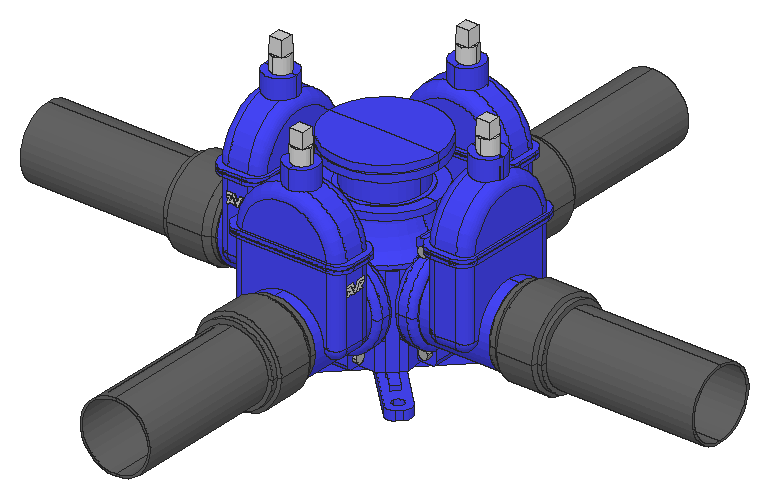
Revit family "18-01-010 DN150 Combicross without BL_CAP", category Pipe Accessories, Revit 2022
Family settings
  Round Connector Dimension = Use Diameter
  Part Type = Valve - Breaks Into
  Work Plane-Based = No
  Always vertical = Yes
  Cut with Voids When Loaded = No
  Shared = No
Parameters (values of type "DN300_Without BL_CAP")
  test = 100 mm  # constant formula
  URL_product_pages = "https://www.avkvalves.com/P.aspx?no=1815001CCCC94764"
  Search_table = "18-01-010 DN150 Combicross without BL_CAP"
  Rib_dim2 = 510 mm * 0.04  # 20.4 mm
  Rib_dim1 = 55 mm * 0.2  # 11 mm
  Raised_dis = size_lookup(Search_table, "Raised_dis", 0 mm, DN)  # 3 mm
  Rib_dim3 = PCD * 0.45  # 180 mm
  PCD = 510 mm - 110 mm  # 400 mm
  L3 = size_lookup(Search_table, "L3", 0 mm, DN)  # 952 mm
  L = size_lookup(Search_table, "L", 0 mm, DN) / 2  # 767 mm
  Hole_dia = 26 mm / 2  # 13 mm
  H3-H1 = H3 - H1  # 401 mm
  H3 = size_lookup(Search_table, "H3", 0 mm, DN)  # 591 mm
  H1 = size_lookup(Search_table, "H1", 0 mm, DN)  # 190 mm
  FL_T = size_lookup(Search_table, "FL_T", 0 mm, DN)  # 16 mm
  Description_ = "COMBI-CROSS, PE PIPE ENDS, PN16"
  Default Elevation = 0 mm
  DN300_Without BL_CAP = "18-150-01-CCCC94764"
  DN = 150 mm
  Conn.3 = size_lookup(Search_table, "Conn.3", 0 mm, DN)  # 160 mm
  Conn.2 = size_lookup(Search_table, "Conn.2", 0 mm, DN)  # 160 mm
  Conn.1 = size_lookup(Search_table, "Conn.1", 0 mm, DN)  # 160 mm
  L4 = size_lookup(Search_table, "L4", 0 mm, DN)  # 335 mm
  Centre_Flange_OD = size_lookup(Search_table, "Centre_Flange_OD", 0 mm, DN) / 2  # 110 mm
  Centre_Bnt_H = size_lookup(Search_table, "Centre_Bnt_H", 0 mm, DN)  # 85 mm
  Centre_dis = size_lookup(Search_table, "Centre_dis", 0 mm, DN) / 2  # 125 mm
  Centre_B_H = size_lookup(Search_table, "Centre_B_H", 0 mm, DN)  # 188 mm
  C_to_connection = size_lookup(Search_table, "C_to_connection", 0 mm, DN)  # 125 mm
  C_FL_D = size_lookup(Search_table, "C_FL_D", 0 mm, DN) / 2  # 120 mm
  C_Bnt_OD = Bore * 1.25  # 93.75 mm
  Bore = DN / 2  # 75 mm
  Body_T = size_lookup(Search_table, "Body_T", 0 mm, DN)  # 9 mm
  Bnt_RR = Centre_dis * 0.85  # 106.25 mm
  55/2 = 55 mm / 2  # 27.5 mm
  510 = 510 mm / 2  # 255 mm
  35 = 35 mm  # constant formula
  320 = 320 mm / 2  # 160 mm
  30 = 30 mm  # constant formula
  20 = 20 mm  # constant formula
  2 = 2 mm  # constant formula
  185 = 185 mm  # constant formula
  15 = 15 mm  # constant formula
  10 = 10 mm  # constant formula
  1 = 150 mm  # constant formula
Reference planes
  plane 1 "Center (Front/Back)": y = 0
  plane 2: z = 0
  plane 3 "Center (Left/Right)": x = 0
  plane 4: through (0, 0, 1200) normal (-0.7071, 0.7071, 0)
  plane 5: through (0, 0, 1200) normal (-0.7071, -0.7071, 0)
  plane 6: z = 75
  plane 7: z = -75
  plane 8: z = 188
  plane 9: z = 172
  plane 10: x = -75
  plane 11: x = 75
  plane 12: x = -125
  plane 13: x = 125
  plane 14: z = 273
  plane 15: z = 270
  plane 16: z = 289
  plane 17: z = 401
  plane 18: x = -125
  plane 19: x = 125
  plane 20: y = 125
  plane 21: y = -125
  plane 22: through (124.616, -485.241, 1200) normal (0.7071, 0.7071, 0)
  plane 23: z = -190
  plane 24: z = -160
  plane 25: through (-593.135, 232.511, 1200) normal (0.7071, 0.7071, 0)
  plane 26: y = -75
  plane 27: x = -75
  plane 28: through (-126.931, 487.555, 1200) normal (0.7071, 0.7071, 0)
  plane 29: through (-400.771, -40.147, 1200) normal (-0.7071, 0.7071, 0)
  plane 30: through (-24.107, -384.732, 1200) normal (-0.7071, 0.7071, 0)
  plane 31: through (58.234, 97.33, 1200) normal (0.7071, 0.7071, 0)
  plane 32: through (-97.33, -58.234, 1200) normal (0.7071, 0.7071, 0)
  plane 33: through (58.234, -97.33, 1200) normal (-0.7071, 0.7071, 0)
  plane 34: through (-97.33, 58.234, 1200) normal (-0.7071, 0.7071, 0)
  plane 35: x = -767
  plane 36: x = 767
  plane 37: x = -432
  plane 38: z = -190
  plane 39: y = 767
  plane 40: y = -767
Forms (mm)
  Revolve 1, solid, material "Laminate, Blue, Matte"
    sketch origin (0, 0, -71.799) x (1, 0, 0) y (0, 0, 1)
      loop
        line (-125, 155.799) -> (-125, 146.799) -> (-75, 146.799) -> (-75, 243.799) -> (-84, 243.799)
        arc (-84, 243.799) -> (-96.418, 196.034) -> (-125, 155.799) r 136.586
      axis (0, 243.799) -> (0, 146.799)
    angle from 0 to 360
  Revolve 2, solid, material "Laminate, Blue, Matte"
    sketch origin (0, 0, 0) x (1, 0, 0) y (0, 0, 1)
      loop
        line (125, 270) -> (106.25, 270) -> (106.25, 273) -> (75, 273) -> (75, 188) -> (84, 188) -> (84, 254) -> (125, 254) -> (125, 270)
      axis (0, 273) -> (0, 188)
    angle from 0 to 360
  Extrusion 3, solid, material "Laminate, Blue, Matte"
    sketch origin (-442.62, -1524, 188) x (-1, 0, 0) y (0, -1, 0)
      loop
        circle (-442.62, -1524) r 93.75
      loop
        circle (-442.62, -1524) r 75
    from 0 to -16
  Revolve 4, solid, material "Laminate, Blue, Matte"
    sketch origin (0, 0, 0) x (1, 0, 0) y (0, 0, 1)
      loop
        line (-125, 289) -> (-125, 273) -> (0, 273) -> (0, 289) -> (-125, 289)
      axis (0, 273) -> (0, 289)
    angle from 0 to 360
  Revolve 5, solid, material "Laminate, Blue, Matte"
    sketch origin (0, 0, 0) x (1, 0, 0) y (0, 0, 1)
      loop
        line (0, 75) -> (-125, 75) -> (-125, -64)
        arc (-125, -64) -> (-119.142, -78.142) -> (-105, -84) r 20
        line (-105, -84) -> (0, -84) -> (0, 75)
      axis (0, 75) -> (0, -84)
    angle from 0 to 360
  Revolve 6, solid, material "Laminate, Blue, Matte"
    sketch origin (0, 0, 0) x (1, 0, 0) y (0, 0, 1)
      loop
        line (-120, 188) -> (-120, 172) -> (0, 172) -> (0, 188) -> (-120, 188)
      axis (0, 188) -> (0, 172)
    angle from 0 to 360
  Extrusion 7, solid, material "Laminate, Blue, Matte"
    sketch origin (0, 0, 0) x (1, 0, 0) y (0, 0, 1)
      loop
        circle (0, 0) r 75
    from -125 to 125
  Extrusion 8, solid, material "Laminate, Blue, Matte"
    sketch origin (0, 0, 0) x (0, 1, 0) y (0, 0, 1)
      loop
        circle (0, 0) r 75
    from -125 to 125
  Extrusion 9, solid, material "Laminate, Blue, Matte"
    sketch origin (-49.134, 0, 0) x (1, 0, 0) y (0, 1, 0)
      loop
        line (-136.481, -175.009) -> (-125.875, -185.616)
        arc (-125.875, -185.616) -> (-111.733, -191.473) -> (-97.59, -185.616) r 20
        line (-97.59, -185.616) -> (49.134, -38.891) -> (195.859, -185.616)
        arc (195.859, -185.616) -> (210.001, -191.473) -> (224.143, -185.616) r 20
        line (224.143, -185.616) -> (234.75, -175.009)
        arc (234.75, -175.009) -> (240.608, -160.867) -> (234.75, -146.725) r 20
        line (234.75, -146.725) -> (88.025, 0) -> (234.75, 146.725)
        arc (234.75, 146.725) -> (240.608, 160.867) -> (234.75, 175.009) r 20
        line (234.75, 175.009) -> (224.143, 185.616)
        arc (224.143, 185.616) -> (210.001, 191.473) -> (195.859, 185.616) r 20
        line (195.859, 185.616) -> (49.134, 38.891) -> (-97.59, 185.616)
        arc (-97.59, 185.616) -> (-111.733, 191.473) -> (-125.875, 185.616) r 20
        line (-125.875, 185.616) -> (-136.481, 175.009)
        arc (-136.481, 175.009) -> (-142.339, 160.867) -> (-136.481, 146.725) r 20
        line (-136.481, 146.725) -> (10.243, 0) -> (-136.481, -146.725)
        arc (-136.481, -146.725) -> (-142.339, -160.867) -> (-136.481, -175.009) r 20
      loop
        circle (-110.866, -160) r 13
      loop
        circle (209.134, 160) r 13
      loop
        circle (209.134, -160) r 13
      loop
        circle (-110.866, 160) r 13
    from -140 to -160
  Extrusion 10, solid, material "Laminate, Blue, Matte"
    sketch origin (-49.134, 0, 0) x (1, 0, 0) y (0, 1, 0)
      loop
        arc (-14.301, 105.861) -> (-38.296, 87.485) -> (-57.18, 63.887) r 125
        arc (-57.18, 63.887) -> (-51.51, 0.03) -> (-57.124, -63.832) r 364.231
        arc (-57.124, -63.832) -> (-38.222, -87.415) -> (-14.213, -105.773) r 125
        arc (-14.213, -105.773) -> (49.102, -103.088) -> (112.418, -105.711) r 756.72
        arc (112.418, -105.711) -> (136.834, -87.871) -> (156.251, -64.69) r 125
        arc (156.251, -64.69) -> (148.979, -0.039) -> (156.18, 64.619) r 292.468
        arc (156.18, 64.619) -> (137.545, 88.412) -> (113.745, 107.038) r 125
        arc (113.745, 107.038) -> (49.847, 92.829) -> (-14.301, 105.861) r 157.285
    from -135 to 0
  Extrusion 11, solid, material "Laminate, Blue, Matte"
    sketch origin (-49.134, 0, 0) x (1, 0, 0) y (0, 1, 0)
      loop
        line (49.134, 14.142) -> (-71.074, 134.35) -> (-85.216, 120.208) -> (34.992, 0) -> (-85.216, -120.208) -> (-71.074, -134.35) -> (49.134, -14.142) -> (169.342, -134.35) -> (183.484, -120.208) -> (63.276, 0) -> (183.484, 120.208) -> (169.342, 134.35) -> (49.134, 14.142)
    from -130 to -190
  Extrusion 12, solid, material "Laminate, Blue, Matte"
    sketch origin (-49.134, 0, 0) x (1, 0, 0) y (0, 1, 0)
      loop
        line (104.713, 71.135) -> (120.269, 55.579) -> (149.119, 84.429) -> (133.563, 99.985) -> (104.713, 71.135)
      loop
        line (-50.851, -84.429) -> (-35.294, -99.985) -> (-6.444, -71.135) -> (-22.001, -55.579) -> (-50.851, -84.429)
      loop
        line (149.119, -84.429) -> (120.269, -55.579) -> (104.713, -71.135) -> (133.563, -99.985) -> (149.119, -84.429)
      loop
        line (-6.444, 71.135) -> (-35.294, 99.985) -> (-50.851, 84.429) -> (-22.001, 55.579) -> (-6.444, 71.135)
    from -160 to 75
Dimensions and locks
  equal spacing: plane 6, level, plane 7
  "Bore": plane 6 to level
  "Centre_B_H": plane 8 to level
  "FL_T": plane 8 to plane 9
  equal spacing: plane 11, plane 3 "Center (Left/Right)", plane 10
  "Bore": plane 3 "Center (Left/Right)" to plane 10
  "Body_T": plane 10 to Revolve 1 sketch curve
  equal spacing: plane 13, plane 3 "Center (Left/Right)", plane 12
  "Centre_dis": plane 3 "Center (Left/Right)" to plane 12
  "Centre_Bnt_H": plane 8 to plane 14
  "Raised_dis": Revolve 2 sketch curve to plane 14
  "Body_T": Revolve 2 sketch curve to plane 11
  "Raised_dis": plane 15 to plane 14
  "FL_T": Revolve 2 sketch curve to plane 15
  "Bnt_RR": Revolve 2 sketch curve to plane 3 "Center (Left/Right)"
  equal spacing: Extrusion 3 sketch curve, plane 3 "Center (Left/Right)", Extrusion 3 sketch curve  (x2)
  equal spacing: Extrusion 3 sketch curve, plane 1 "Center (Front/Back)", Extrusion 3 sketch curve  (x2)
  "FL_T": plane 16 to plane 14
  "H3-H1": plane 17 to level
  "Body_T": plane 7 to Revolve 5 sketch curve
  "C_FL_D": plane 3 "Center (Left/Right)" to Revolve 6 sketch curve
  equal spacing: Extrusion 7 sketch curve, plane 3 "Center (Left/Right)", Extrusion 7 sketch curve
  equal spacing: Extrusion 7 sketch curve, level, Extrusion 7 sketch curve
  equal spacing: Extrusion 7, plane 1 "Center (Front/Back)", Extrusion 7
  "C_to_connection": Extrusion 7 to plane 1 "Center (Front/Back)"
  equal spacing: plane 19, plane 3 "Center (Left/Right)", plane 18
  "C_to_connection": plane 3 "Center (Left/Right)" to plane 18
  equal spacing: Extrusion 8 sketch curve, plane 1 "Center (Front/Back)", Extrusion 8 sketch curve
  equal spacing: Extrusion 8 sketch curve, level, Extrusion 8 sketch curve
  equal spacing: Extrusion 8, plane 3 "Center (Left/Right)", Extrusion 8
  equal spacing: plane 20, plane 1 "Center (Front/Back)", plane 21
  "C_to_connection": plane 20 to plane 1 "Center (Front/Back)"
  equal spacing: Extrusion 9 sketch curve, plane 4, Extrusion 9 sketch curve
  "55/2": Extrusion 9 sketch curve to plane 4
  "510": plane 5 to Extrusion 9 sketch curve
  "510": plane 5 to plane 22
  "H1": level to plane 23
  "30": Extrusion 9 to plane 23
  "30": plane 24 to plane 23
  "20": Extrusion 9 to plane 24
  "510": plane 5 to plane 25
  "510": plane 28 to plane 5
  Extrusion 9 sketch curve to Extrusion 9 sketch curve = 55 mm
  "510": plane 29 to plane 4
  "510": plane 4 to plane 30
  "Body_T": Revolve 1 sketch curve to plane 6
  "Centre_Flange_OD": plane 31 to plane 5
  equal spacing: Extrusion 12 sketch curve, plane 4, Extrusion 12 sketch curve  (x2)
  "Rib_dim2": plane 31 to Extrusion 12 sketch curve
  "Rib_dim2": Extrusion 12 sketch curve to plane 31
  "Rib_dim1": Extrusion 12 sketch curve to plane 4
  equal spacing: Extrusion 12 sketch curve, plane 5, Extrusion 12 sketch curve  (x2)
  "Rib_dim2": Extrusion 12 sketch curve to plane 32
  "Rib_dim2": plane 33 to Extrusion 12 sketch curve
  "Rib_dim2": Extrusion 12 sketch curve to plane 33
  "Rib_dim2": plane 34 to Extrusion 12 sketch curve
  "Rib_dim1": Extrusion 12 sketch curve to plane 5
  "Rib_dim1": plane 5 to Extrusion 12 sketch curve
  equal spacing: Extrusion 9 sketch curve, plane 5, Extrusion 9 sketch curve
  "320": Extrusion 9 sketch curve to plane 3 "Center (Left/Right)"  (x2)
  "320": plane 3 "Center (Left/Right)" to Extrusion 9 sketch curve  (x2)
  equal spacing: Extrusion 11 sketch curve, plane 4, Extrusion 11 sketch curve  (x2)
  equal spacing: Extrusion 11 sketch curve, plane 5, Extrusion 11 sketch curve  (x2)
  "10": Extrusion 11 sketch curve to plane 5
  "10": plane 4 to Extrusion 11 sketch curve
  "Rib_dim3": Extrusion 11 sketch curve to plane 5
  "Rib_dim3": Extrusion 11 sketch curve to plane 4
  equal spacing: Extrusion 10 sketch curve, plane 5, Extrusion 10 sketch curve  (x2)
  "30": plane 5 to Extrusion 10 sketch curve
  equal spacing: Extrusion 10 sketch curve, plane 4, Extrusion 10 sketch curve  (x2)
  "30": Extrusion 10 sketch curve to plane 5
  "30": plane 4 to Extrusion 10 sketch curve  (x2)
  "L": plane 3 "Center (Left/Right)" to plane 35
  "L": plane 3 "Center (Left/Right)" to plane 36
  "L4": plane 35 to plane 37
  "H1": level to plane 38
  "30": Extrusion 11 to plane 24
  plane 17 to plane 38 = 591 mm
  plane 35 to plane 36 = 1534 mm
  "L": plane 1 "Center (Front/Back)" to plane 39
  plane 36 to plane 35 = 1534 mm
  "L": plane 40 to plane 1 "Center (Front/Back)"
  plane 39 to plane 40 = 1534 mm
  "Bore": radius of Extrusion 3 sketch curve
  "C_Bnt_OD": radius of Extrusion 3 sketch curve
  "Bore": radius of Extrusion 7 sketch curve
  "Bore": radius of Extrusion 8 sketch curve
  "Hole_dia": radius of Extrusion 9 sketch curve  (x4)
  "20": radius of Extrusion 9 sketch curve  (x8)
  "Centre_dis": radius of Extrusion 10 sketch curve  (x4)
  aligned and locked: level to plane 2
  aligned and locked: Revolve 1 sketch curve to plane 3 "Center (Left/Right)"
  aligned and locked: Revolve 1 sketch curve to plane 6
  aligned and locked: plane 10 to Revolve 1 sketch curve
  aligned and locked: plane 9 to Revolve 1 sketch curve
  aligned and locked: Revolve 1 sketch curve to plane 12
  aligned and locked: Revolve 2 sketch curve to plane 3 "Center (Left/Right)"
  aligned and locked: plane 8 to Revolve 2 sketch curve
  aligned and locked: Revolve 2 sketch curve to plane 11
  aligned and locked: plane 14 to Revolve 2 sketch curve
  aligned and locked: plane 13 to Revolve 2 sketch curve
  aligned and locked: plane 8 to Extrusion 3
  aligned and locked: Extrusion 3 to plane 9
  aligned and locked: plane 16 to Revolve 4 sketch curve
  aligned and locked: plane 12 to Revolve 4 sketch curve
  aligned and locked: plane 14 to Revolve 4 sketch curve
  aligned and locked: Revolve 4 sketch curve to plane 3 "Center (Left/Right)"
  aligned and locked: Revolve 4 sketch curve to plane 16
  aligned and locked: plane 3 "Center (Left/Right)" to Revolve 5 sketch curve
  aligned and locked: plane 6 to Revolve 5 sketch curve
  aligned and locked: Revolve 5 sketch curve to plane 3 "Center (Left/Right)"
  aligned and locked: Revolve 6 sketch curve to plane 3 "Center (Left/Right)"  (x2)
  aligned and locked: Revolve 6 sketch curve to plane 8
  aligned and locked: plane 9 to Revolve 6 sketch curve
  aligned and locked: Extrusion 8 to plane 18
  aligned and locked: Extrusion 9 sketch curve to plane 22
  aligned and locked: level to Extrusion 10
  aligned and locked: Extrusion 9 sketch curve to plane 28
  aligned and locked: Extrusion 9 sketch curve to Extrusion 9 sketch curve  (x2)
  aligned and locked: plane 30 to Extrusion 9 sketch curve
  aligned and locked: Extrusion 9 sketch curve to plane 29
  aligned and locked: Extrusion 11 sketch curve to Extrusion 11 sketch curve  (x4)
  aligned and locked: Extrusion 12 sketch curve to Extrusion 12 sketch curve  (x4)
  aligned and locked: Extrusion 12 to plane 24
  aligned and locked: plane 6 to Extrusion 12
  aligned and locked: plane 18 to nested 1
  aligned and locked: plane 20 to nested 2
  aligned and locked: nested 3 to plane 19
  aligned and locked: Extrusion 11 to plane 38
  aligned and locked: plane 3 "Center (Left/Right)" to nested 4
  aligned and locked: nested 4 to plane 21
  aligned and locked: nested 3 to plane 1 "Center (Front/Back)"
Automatic sketch dimensions
  Revolve 4 sketch curve to plane 3 "Center (Left/Right)" = 0 mm
  plane 16 to Revolve 4 sketch curve = 85 mm
  Revolve 1 sketch curve to plane 8 = 6.082 mm
  Revolve 1 sketch curve to plane 9 = 32.024 mm
  plane 8 to Revolve 1 sketch curve = 16.976 mm
  Revolve 2 sketch curve to plane 17 = 11.711 mm
  plane 17 to Revolve 2 sketch curve = 3.289 mm
  Revolve 5 sketch curve to plane 12 = 0 mm
  plane 12 to Revolve 5 sketch curve = 20 mm
  Revolve 5 sketch curve to Revolve 5 sketch curve = 31 mm
  Revolve 5 sketch curve to plane 9 = 15 mm
  Revolve 6 sketch curve to plane 9 = 20 mm
  Revolve 6 sketch curve to Revolve 6 sketch curve = 25 mm
  plane 1 "Center (Front/Back)" to Extrusion 9 sketch curve = 0 mm  (x2)
  Extrusion 9 sketch curve to plane 3 "Center (Left/Right)" = 0 mm  (x2)
  Extrusion 9 sketch curve to plane 5 = 0 mm
  Extrusion 9 sketch curve to plane 4 = 0 mm  (x2)
  plane 1 "Center (Front/Back)" to Extrusion 10 sketch curve = 0.129 mm
  Extrusion 10 sketch curve to plane 37 = 32.876 mm
  Extrusion 10 sketch curve to plane 3 "Center (Left/Right)" = 0.731 mm
  plane 3 "Center (Left/Right)" to Extrusion 10 sketch curve = 0.01 mm
  plane 3 "Center (Left/Right)" to Extrusion 10 sketch curve = 0.016 mm
  Extrusion 10 sketch curve to plane 1 "Center (Front/Back)" = 0.007 mm
  plane 3 "Center (Left/Right)" to Extrusion 10 sketch curve = 0.04 mm
  plane 3 "Center (Left/Right)" to Extrusion 10 sketch curve = 0.34 mm
  plane 3 "Center (Left/Right)" to Extrusion 10 sketch curve = 2.288 mm
  Extrusion 10 sketch curve to plane 1 "Center (Front/Back)" = 0.121 mm
  plane 13 to Extrusion 10 sketch curve = 267.313 mm
  Extrusion 10 sketch curve to plane 40 = 92.808 mm
Nested families
  nested 1: "Gate valve DN150" at (-237, 0, 0), type "Gate valve DN150"
  nested 2: "Gate valve DN150" at (0, 237, 0) x (0, -1, 0) z (0, 0, 1), type "Gate valve DN150"
  nested 3: "Gate valve DN150" at (237, 0, 0) x (-1, 0, 0) z (0, 0, 1), type "Gate valve DN150"
  nested 4: "Gate valve DN150" at (0, -237, 0) x (0, 1, 0) z (0, 0, 1), type "Gate valve DN150"
Connectors
  piping at (-767, 0, 0), diameter 150, driven by "DN"
    settings: on nested 1, index 1, connector inside diameter 609.6 mm, connector length 0 mm, flow factor 0, pipe flow 0.0 L/s, pressure drop 0.0 Pa, fitting loss kfactor 0, connector angle 0.00°, fixture units 0, engagement length 0 mm, angle of deflection 0.00°, flow configuration 0, flow direction 0, fitting loss method 0, system type 7, joint type 0, gender type 0, connector reference index -1, connector utility 0, adjustable connector no, is connector primary yes, connector description ""
  piping at (767, 0, 0), diameter 150, driven by "DN"
    settings: on nested 3, index 2, connector inside diameter 609.6 mm, connector length 0 mm, flow factor 0, pipe flow 0.0 L/s, pressure drop 0.0 Pa, fitting loss kfactor 0, connector angle 0.00°, fixture units 0, engagement length 0 mm, angle of deflection 0.00°, flow configuration 0, flow direction 0, fitting loss method 0, system type 7, joint type 0, gender type 0, connector reference index -1, connector utility 0, adjustable connector no, is connector primary no, connector description ""
  piping at (0, 767, 0), diameter 150, driven by "DN"
    settings: on nested 2, index 3, connector inside diameter 609.6 mm, connector length 0 mm, flow factor 0, pipe flow 0.0 L/s, pressure drop 0.0 Pa, fitting loss kfactor 0, connector angle 0.00°, fixture units 0, engagement length 0 mm, angle of deflection 0.00°, flow configuration 0, flow direction 0, fitting loss method 0, system type 7, joint type 0, gender type 0, connector reference index -1, connector utility 0, adjustable connector no, is connector primary no, connector description ""
  piping at (0, -767, 0), diameter 150, driven by "DN"
    settings: on nested 4, index 4, connector inside diameter 609.6 mm, connector length 0 mm, flow factor 0, pipe flow 0.0 L/s, pressure drop 0.0 Pa, fitting loss kfactor 0, connector angle 0.00°, fixture units 0, engagement length 0 mm, angle of deflection 0.00°, flow configuration 0, flow direction 0, fitting loss method 0, system type 7, joint type 0, gender type 0, connector reference index -1, connector utility 0, adjustable connector no, is connector primary no, connector description ""
Definition of nested family "Gate valve DN150"
  Parameters (values of type "Gate valve DN150")
    max_H = size_lookup(Search_table, "max_H", 0 mm, DN)  # 104 mm
    Width = size_lookup(Search_table, "Width", 0 mm, DN) / 2  # 23.5 mm
    Stem_Hole = 21.5 mm  # constant formula
    Stem_H = 47 mm  # constant formula
    Stem_F2 = 34 mm  # constant formula
    Stem_F1 = 30 mm / 2  # 15 mm
    Stem_F = 28 mm / 2  # 14 mm
    Search_table = "Gate valve"
    SctoF = size_lookup(Search_table, "SctoF", 0 mm, DN)  # 642 mm
    Polymer = (H33 - HH) * 0.95  # 94.05 mm
    PE_dis1 = PE_dis * 0.1  # 12 mm
    PE_dis = size_lookup(Search_table, "PE_dis", 0 mm, DN)  # 120 mm
    PE_dia1 = PE_dia * 0.9  # 89.1 mm
    PE_dia = size_lookup(Search_table, "PE_dia", 0 mm, DN) / 2  # 99 mm
    L4 = size_lookup(Search_table, "L4", 0 mm, DN)  # 335 mm
    L/2 = L * 0.5  # 767 mm
    L = size_lookup(Search_table, "L", 0 mm, DN)  # 1534 mm
    Inner_Width = size_lookup(Search_table, "Inner_Width", 0 mm, DN)  # 32.5 mm
    HH = size_lookup(Search_table, "HH", 0 mm, DN)  # 400 mm
    H33-HH = (H33 - HH)  # 99 mm
    H33 = size_lookup(Search_table, "H33", 0 mm, DN)  # 499 mm
    H3-H1 = H3 - H1  # 401 mm
    H3 = size_lookup(Search_table, "H3", 0 mm, DN)  # 591 mm
    H1 = size_lookup(Search_table, "H1", 0 mm, DN)  # 190 mm
    Default Elevation = 1219.2 mm
    DN = 150 mm
    D = size_lookup(Search_table, "D", 0 mm, DN) / 2  # 80 mm
    CtoSocket = size_lookup(Search_table, "CtoSocket", 0 mm, DN)  # 112 mm
    CtoFit = size_lookup(Search_table, "CtoFit", 0 mm, DN)  # 195 mm
    Clamp_width = size_lookup(Search_table, "Clamp_width", 0 mm, DN) / 2  # 126 mm
    Clamp_w_T = size_lookup(Search_table, "Clamp_w_T", 0 mm, DN)  # 11 mm
    Clamp_W_H = size_lookup(Search_table, "Clamp_W_H", 0 mm, DN)  # 35 mm
    Clamp_R = size_lookup(Search_table, "Clamp_R", 0 mm, DN)  # 85.5 mm
    Bore = DN / 2  # 75 mm
    Bont_dim2 = Stem_Hole * 1.7  # 36.55 mm
    Bont_R = size_lookup(Search_table, "Bont_R", 0 mm, DN)  # 35 mm
    Body_T = size_lookup(Search_table, "Body_T", 0 mm, DN)  # 9 mm
    Body_R = 25 mm  # constant formula
    Bnt_FL_W = size_lookup(Search_table, "Bnt_FL_W", 0 mm, DN) / 2  # 137 mm
    Bnt_FL_L = Bdy_W * 1.18  # 56.64 mm
    Bdy_W = size_lookup(Search_table, "Bdy_W", 0 mm, DN) / 2  # 48 mm
    Bdy_Rib_L = size_lookup(Search_table, "Bdy_Rib_L", 0 mm, DN) / 2  # 60 mm
    Bdy_OD_R = size_lookup(Search_table, "Bdy_OD_R", 0 mm, DN)  # 92 mm
    Bdy_L = size_lookup(Search_table, "Bdy_L", 0 mm, DN) / 2  # 122 mm
    Bdy_H = size_lookup(Search_table, "Bdy_H", 0 mm, DN)  # 172 mm
    Bdy_FL_T = size_lookup(Search_table, "Bdy_FL_T", 0 mm, DN)  # 7.5 mm
    5 = 10 mm  # constant formula
    1 = 1 mm  # constant formula
  Reference planes
    plane 1 "Center (Front/Back)": y = 0
    plane 2: z = 0
    plane 3 "Center (Left/Right)": x = 0
    plane 4: z = 75
    plane 5: z = -75
    plane 6: x = -530
    plane 7: x = 112
    plane 8: y = -122
    plane 9: y = -97
    plane 10: y = 122
    plane 11: y = 57
    plane 12: z = 172
    plane 13: z = 401
    plane 14: z = 367
    plane 15: z = 367
    plane 16: z = 367
    plane 17: x = -195
    plane 18: x = -75
    plane 19: y = 89.1
    plane 20: x = 48
    plane 21: z = 104
    plane 22: z = 104
    plane 23: y = 35
    plane 24: z = 80
  Forms (mm)
    Extrusion 1, solid
      sketch origin (0, 0, 0) x (1, 0, 0) y (0, 1, 0)
        loop
          line (-20, 15.981) -> (-20, -7.599) -> (20.031, -7.599) -> (20.031, 15.981) -> (-20, 15.981)
      from 0 to 3.871
    Revolve 2, solid
      sketch origin (0, 0, 0) x (1, 0, 0) y (0, 0, 1)
        loop
          line (-530, 80) -> (-530, 75) -> (-195, 75) -> (-195, 80) -> (-530, 80)
        axis (-530, 0) -> (-195, 0)
      angle from 0 to 360
    Extrusion 3, solid
      sketch origin (0, 0, 0) x (1, 0, 0) y (0, 1, 0)
        loop
          arc (-23, 122) -> (-40.678, 114.678) -> (-48, 97) r 25
          line (-48, 97) -> (-48, -97)
          arc (-48, -97) -> (-40.678, -114.678) -> (-23, -122) r 25
          line (-23, -122) -> (23, -122)
          arc (23, -122) -> (40.678, -114.678) -> (48, -97) r 25
          line (48, -97) -> (48, 97)
          arc (48, 97) -> (40.678, 114.678) -> (23, 122) r 25
          line (23, 122) -> (-23, 122)
      from 0 to 172
    Revolve 4, solid
      sketch origin (0, 0, 0) x (1, 0, 0) y (0, 1, 0)
        loop
          arc (-48, -97) -> (-40.678, -114.678) -> (-23, -122) r 25
          line (-23, -122) -> (23, -122)
          arc (23, -122) -> (40.678, -114.678) -> (48, -97) r 25
          line (48, -97) -> (-48, -97)
        axis (-48, -97) -> (48, -97)
      angle from 0 to 360
    Revolve 5, solid
      sketch origin (0, 0, 0) x (1, 0, 0) y (0, 1, 0)
        loop
          line (-48, 57) -> (48, 57)
          arc (48, 57) -> (40.494, 74.333) -> (23.006, 81.468) r 25
          line (23.006, 81.468) -> (-23.006, 81.468)
          arc (-23.006, 81.468) -> (-40.494, 74.333) -> (-48, 57) r 25
        axis (48, 57) -> (-48, 57)
      angle from 0 to 360
    Revolve 6, solid
      sketch origin (-493.771, -4572, 172) x (-1, 0, 0) y (0, -1, 0)
        loop
          arc (-470.771, -4694) -> (-453.093, -4686.678) -> (-445.771, -4669) r 25
          line (-445.771, -4669) -> (-445.771, -4572) -> (-541.771, -4572) -> (-541.771, -4669)
          arc (-541.771, -4669) -> (-534.449, -4686.678) -> (-516.771, -4694) r 25
          line (-516.771, -4694) -> (-470.771, -4694)
        axis (-445.771, -4572) -> (-541.771, -4572)
      angle from 0 to -180
    Extrusion 7, solid
      sketch origin (-493.771, -4572, 172) x (-1, 0, 0) y (0, -1, 0)
        loop
          arc (-472.131, -4709) -> (-447.382, -4698.749) -> (-437.131, -4674) r 35
          line (-437.131, -4674) -> (-437.131, -4470)
          arc (-437.131, -4470) -> (-447.382, -4445.251) -> (-472.131, -4435) r 35
          line (-472.131, -4435) -> (-515.411, -4435)
          arc (-515.411, -4435) -> (-540.16, -4445.251) -> (-550.411, -4470) r 35
          line (-550.411, -4470) -> (-550.411, -4674)
          arc (-550.411, -4674) -> (-540.16, -4698.749) -> (-515.411, -4709) r 35
          line (-515.411, -4709) -> (-472.131, -4709)
      from -7.5 to 7.5
    Sweep 8, void
      path in 3D
        loop
          arc (21.64, -137, 179.5) -> (46.389, -126.749, 179.5) -> (56.64, -102, 179.5) r 35
          line (56.64, -102, 179.5) -> (56.64, 102, 179.5)
          arc (56.64, 102, 179.5) -> (46.389, 126.749, 179.5) -> (21.64, 137, 179.5) r 35
          line (21.64, 137, 179.5) -> (-21.64, 137, 179.5)
          arc (-21.64, 137, 179.5) -> (-46.389, 126.749, 179.5) -> (-56.64, 102, 179.5) r 35
          line (-56.64, 102, 179.5) -> (-56.64, -102, 179.5)
          arc (-56.64, -102, 179.5) -> (-46.389, -126.749, 179.5) -> (-21.64, -137, 179.5) r 35
          line (-21.64, -137, 179.5) -> (21.64, -137, 179.5)
      profile origin (0, -137, 179.5) x (0, 1, 0) y (0, 0, 1)
        loop
          circle (0, -7.5) r 1
    Revolve 9, solid
      sketch origin (0, 0, 0) x (0, 1, 0) y (0, 0, 1)
        loop
          line (0, 367) -> (-21.5, 367) -> (-21.5, 172) -> (0, 172) -> (0, 367)
        axis (0, 367) -> (0, 172)
      angle from 0 to 360
    Revolve 10, solid
      sketch origin (0, 0, 0) x (1, 0, 0) y (0, 0, 1)
        loop
          line (0, 172) -> (36.55, 172) -> (36.55, 333) -> (0, 333) -> (0, 172)
        axis (0, 333) -> (0, 172)
      angle from 0 to 360
    Blend 11, solid
      base sketch origin (-122.707, -4572, 367) x (-1, 0, 0) y (0, -1, 0)
        loop
          line (-108.707, -4586) -> (-108.707, -4558) -> (-136.707, -4558) -> (-136.707, -4586) -> (-108.707, -4586)
      top sketch origin (-122.707, -4572, 367) x (-1, 0, 0) y (0, -1, 0)
        loop
          line (-107.707, -4587) -> (-107.707, -4557) -> (-137.707, -4557) -> (-137.707, -4587) -> (-107.707, -4587)
      from 34 to 0
    Extrusion 12, solid
      sketch origin (0, 0, 0) x (1, 0, 0) y (0, 0, 1)
        loop
          line (-23.918, 121.897) -> (-23.918, 117.626) -> (-18.918, 117.626) -> (-23.918, 105.401) -> (-18.918, 105.401) -> (-17.873, 107.958) -> (-10.679, 107.958) -> (-8.889, 105.401) -> (-3.889, 105.401) -> (-11.233, 121.897) -> (-23.918, 121.897)
        loop
          line (-16.916, 112.448) -> (-12.014, 112.448) -> (-14.569, 118.187) -> (-16.916, 112.448)
        loop
          line (-23.918, 128.623) -> (-23.918, 123.623) -> (-9.985, 123.623) -> (-1.872, 105.401) -> (2.613, 105.401) -> (10.066, 123.623) -> (25.066, 123.623) -> (25.066, 128.623) -> (6.51, 128.623) -> (0, 112.706) -> (-5.793, 128.623) -> (-23.918, 128.623)
        loop
          line (11.596, 122.227) -> (4.714, 105.401) -> (9.714, 105.401) -> (12.401, 111.971) -> (17.001, 105.401) -> (23.155, 105.401) -> (17.448, 112.448)
          arc (17.448, 112.448) -> (20.917, 114.098) -> (23.144, 117.227) r 7.64
          line (23.144, 117.227) -> (25.066, 117.227) -> (25.066, 122.227) -> (19.932, 122.227) -> (19.583, 120.483)
          arc (19.583, 120.483) -> (17.625, 117.244) -> (14.05, 116.003) r 5.574
          line (14.05, 116.003) -> (16.596, 122.227) -> (11.596, 122.227)
      from 122 to 123
    Revolve 13, solid
      sketch origin (0, 0, 0) x (1, 0, 0) y (0, 1, 0)
        loop
          line (-179.915, 99) -> (-183, 90.1) -> (-195, 90.1) -> (-195, 57) -> (-75, 57) -> (-75, 90.1) -> (-87, 90.1) -> (-99.4, 99) -> (-179.915, 99)
        axis (-195, 0) -> (-75, 0)
      angle from 0 to 360
    Revolve 14, solid
      sketch origin (0, 0, 0) x (1, 0, 0) y (0, 0, 1)
        loop
          line (-61, 75) -> (-75, 75) -> (-75, 0) -> (-61, 0) -> (-61, 75)
        axis (-75, 0) -> (-61, 0)
      angle from 0 to 360
    Revolve 15, solid
      sketch origin (0, 0, 0) x (1, 0, 0) y (0, 1, 0)
        loop
          line (135.5, 75) -> (135.5, 90)
          arc (135.5, 90) -> (131.399, 99.899) -> (121.5, 104) r 14
          line (121.5, 104) -> (102.5, 104)
          arc (102.5, 104) -> (92.601, 99.899) -> (88.5, 90) r 14
          line (88.5, 90) -> (88.5, 75) -> (135.5, 75)
        axis (88.5, 0) -> (135.5, 0)
      angle from 0 to 360
    Extrusion 16, solid
      sketch origin (0, 0, 0) x (1, 0, 0) y (0, 0, 1)
        loop
          arc (98.5, 126) -> (91.429, 123.071) -> (88.5, 116) r 10
          line (88.5, 116) -> (88.5, 90) -> (135.5, 90) -> (135.5, 116)
          arc (135.5, 116) -> (132.571, 123.071) -> (125.5, 126) r 10
          line (125.5, 126) -> (98.5, 126)
        loop
          line (88.5, -90) -> (88.5, -116)
          arc (88.5, -116) -> (91.429, -123.071) -> (98.5, -126) r 10
          line (98.5, -126) -> (125.5, -126)
          arc (125.5, -126) -> (132.571, -123.071) -> (135.5, -116) r 10
          line (135.5, -116) -> (135.5, -90) -> (88.5, -90)
      from -35 to 35
    Extrusion 17, solid
      sketch origin (0, 0, 0) x (1, 0, 0) y (0, 0, 1)
        loop
          circle (113.499, 104) r 10.75
        loop
          circle (112, -104) r 10.75
      from -45 to 45
    Extrusion 18, solid
      sketch origin (112, -4572, 279.192) x (0, 0, 1) y (0, -1, 0)
        loop
          circle (-279.192, -4572) r 75
        loop
          circle (-279.192, -4572) r 89.1
      from -187 to 0
    Revolve 19, solid
      sketch origin (0, 0, 0) x (1, 0, 0) y (0, 1, 0)
        loop
          arc (-23, 122) -> (-40.678, 114.678) -> (-48, 97) r 25
          line (-48, 97) -> (48, 97)
          arc (48, 97) -> (40.678, 114.678) -> (23, 122) r 25
          line (23, 122) -> (-23, 122)
        axis (-48, 97) -> (48, 97)
      angle from 0 to 360
  Cuts and joins
    Sweep 8 cuts Extrusion 7
  Lines and regions (mm)
    sketch lines
      curve 1: line (-21.64, -137, 179.5) -> (21.64, -137, 179.5)
      curve 2: arc (-21.64, -137, 179.5) -> (-46.389, -126.749, 179.5) -> (-56.64, -102, 179.5) r 35
      curve 3: arc (56.64, -102, 179.5) -> (46.389, -126.749, 179.5) -> (21.64, -137, 179.5) r 35
      curve 4: line (56.64, -102, 179.5) -> (56.64, 102, 179.5)
      curve 5: arc (21.64, 137, 179.5) -> (46.389, 126.749, 179.5) -> (56.64, 102, 179.5) r 35
      curve 6: line (21.64, 137, 179.5) -> (-21.64, 137, 179.5)
      curve 7: line (-56.64, 102, 179.5) -> (-56.64, -102, 179.5)
      curve 8: arc (-56.64, 102, 179.5) -> (-46.389, 126.749, 179.5) -> (-21.64, 137, 179.5) r 35
  Dimensions and locks
    equal spacing: plane 4, level, plane 5
    "Bore": plane 4 to level
    equal spacing: Extrusion 3 sketch curve, plane 3 "Center (Left/Right)", Extrusion 3 sketch curve
    equal spacing: Extrusion 3 sketch curve, plane 1 "Center (Front/Back)", Extrusion 3 sketch curve
    "Bdy_W": Extrusion 3 sketch curve to plane 3 "Center (Left/Right)"
    "Bdy_L": plane 1 "Center (Front/Back)" to Extrusion 3 sketch curve
    "Bdy_L": plane 8 to plane 1 "Center (Front/Back)"
    "Body_R": plane 9 to plane 8
    "Bdy_L": plane 1 "Center (Front/Back)" to plane 10
    "CtoSocket": plane 7 to plane 3 "Center (Left/Right)"
    "Bdy_H": plane 12 to level
    equal spacing: Revolve 6 sketch curve, plane 3 "Center (Left/Right)", Revolve 6 sketch curve
    "Bdy_L": plane 1 "Center (Front/Back)" to Revolve 6 sketch curve
    "Bdy_W": Revolve 6 sketch curve to plane 3 "Center (Left/Right)"
    equal spacing: Extrusion 7 sketch curve, plane 3 "Center (Left/Right)", Extrusion 7 sketch curve
    equal spacing: Extrusion 7 sketch curve, plane 1 "Center (Front/Back)", Extrusion 7 sketch curve
    "Bnt_FL_W": plane 1 "Center (Front/Back)" to Extrusion 7 sketch curve
    "Bnt_FL_L": plane 3 "Center (Left/Right)" to Extrusion 7 sketch curve
    equal spacing: Extrusion 7, plane 12, Extrusion 7
    "Bdy_FL_T": Extrusion 7 to plane 12
    "1": Sweep 8 sketch curve to plane 12
    "Bnt_FL_W": plane 1 "Center (Front/Back)" to Sweep 8 sketch curve
    "H3-H1": plane 13 to level
    "Stem_Hole": plane 1 "Center (Front/Back)" to Revolve 9 sketch curve
    "Stem_F2": plane 13 to plane 14
    "Bont_dim2": Revolve 10 sketch curve to plane 3 "Center (Left/Right)"
    "Stem_F2": plane 13 to plane 15
    "Stem_F2": plane 15 to Revolve 10 sketch curve
    "Stem_F2": plane 13 to plane 16
    equal spacing: Blend 11 sketch curve, plane 3 "Center (Left/Right)", Blend 11 sketch curve  (x2)
    equal spacing: Blend 11 sketch curve, plane 1 "Center (Front/Back)", Blend 11 sketch curve  (x2)
    "Stem_F": plane 3 "Center (Left/Right)" to Blend 11 sketch curve
    "Stem_F": plane 1 "Center (Front/Back)" to Blend 11 sketch curve
    "Stem_F1": plane 1 "Center (Front/Back)" to Blend 11 sketch curve
    "Stem_F1": plane 3 "Center (Left/Right)" to Blend 11 sketch curve
    "Bdy_L": plane 1 "Center (Front/Back)" to Extrusion 12
    "1": plane 8 to Extrusion 12
    "CtoFit": plane 3 "Center (Left/Right)" to plane 17
    "L4": plane 17 to plane 6
    "PE_dis": plane 18 to plane 17
    "PE_dia": plane 1 "Center (Front/Back)" to Revolve 13 sketch curve
    "PE_dia1": plane 1 "Center (Front/Back)" to plane 19
    "1": Revolve 13 sketch curve to plane 19
    "PE_dis1": plane 17 to Revolve 13 sketch curve
    "PE_dis1": Revolve 13 sketch curve to plane 18
    "Bdy_W": plane 20 to plane 3 "Center (Left/Right)"
    "Bore": level to Revolve 14 sketch curve
    "Stem_F": Revolve 14 sketch curve to plane 18
    "Bdy_W": Revolve 5 sketch curve to plane 3 "Center (Left/Right)"
    "Bdy_W": plane 3 "Center (Left/Right)" to Revolve 5 sketch curve
    plane 3 "Center (Left/Right)" to plane 18 = 75 mm
    "max_H": plane 1 "Center (Front/Back)" to Revolve 15 sketch curve
    equal spacing: Revolve 15 sketch curve, plane 7, Revolve 15 sketch curve
    "Width": Revolve 15 sketch curve to plane 7
    "Bore": plane 1 "Center (Front/Back)" to Revolve 15 sketch curve
    equal spacing: Extrusion 16 sketch curve, plane 7, Extrusion 16 sketch curve  (x2)
    "Width": Extrusion 16 sketch curve to plane 7  (x2)
    equal spacing: Extrusion 16 sketch curve, level, Extrusion 16 sketch curve  (x2)
    "max_H": plane 21 to level
    "Stem_F": plane 21 to Extrusion 16 sketch curve
    "Clamp_width": level to Extrusion 16 sketch curve
    equal spacing: Extrusion 16, plane 1 "Center (Front/Back)", Extrusion 16
    "Clamp_W_H": Extrusion 16 to plane 1 "Center (Front/Back)"
    equal spacing: Extrusion 17 sketch curve, level, Extrusion 17 sketch curve
    "max_H": plane 22 to level
    "max_H": level to Extrusion 17 sketch curve
    equal spacing: Extrusion 17, plane 1 "Center (Front/Back)", Extrusion 17
    "Clamp_W_H": plane 23 to plane 1 "Center (Front/Back)"
    "5": Extrusion 17 to plane 23
    equal spacing: Extrusion 18 sketch curve, plane 1 "Center (Front/Back)", Extrusion 18 sketch curve  (x2)
    equal spacing: Extrusion 18 sketch curve, level, Extrusion 18 sketch curve  (x2)
    "D": plane 24 to level
    "Body_R": radius of Extrusion 3 sketch curve  (x4)
    "Body_R": radius of Revolve 6 sketch curve  (x2)
    "Bont_R": radius of Extrusion 7 sketch curve  (x4)
    "1": radius of Sweep 8 sketch curve
    "Body_R": radius of Revolve 5 sketch curve  (x2)
    "Stem_F": radius of Revolve 15 sketch curve  (x2)
    "5": radius of Extrusion 16 sketch curve  (x4)
    "Stem_Hole": diameter of Extrusion 17 sketch curve  (x2)
    "Bore": radius of Extrusion 18 sketch curve
    "PE_dia1": radius of Extrusion 18 sketch curve
    aligned and locked: plane 2 to Extrusion 1
    aligned and locked: level to Extrusion 1
    aligned and locked: Revolve 2 to plane 6
    aligned and locked: Extrusion 3 to level
    aligned and locked: Revolve 4 sketch curve to Extrusion 3  (x3)
    aligned and locked: Revolve 4 sketch curve to plane 9
    aligned and locked: Revolve 5 sketch curve to plane 11  (x2)
    aligned and locked: plane 12 to Extrusion 3
    aligned and locked: Revolve 6 sketch curve to plane 1 "Center (Front/Back)"
    aligned and locked: plane 1 "Center (Front/Back)" to Revolve 6 sketch curve
    aligned and locked: Revolve 9 sketch curve to plane 1 "Center (Front/Back)"
    aligned and locked: plane 14 to Revolve 9 sketch curve
    aligned and locked: Revolve 9 sketch curve to plane 12
    aligned and locked: Revolve 9 sketch curve to Revolve 9 sketch curve
    aligned and locked: plane 3 "Center (Left/Right)" to Revolve 10 sketch curve
    aligned and locked: plane 12 to Revolve 10 sketch curve
    aligned and locked: Revolve 10 sketch curve to plane 3 "Center (Left/Right)"
    aligned and locked: plane 13 to Blend 11
    aligned and locked: Blend 11 to plane 16
    aligned and locked: Revolve 2 to plane 17
    aligned and locked: Revolve 13 sketch curve to plane 17
    aligned and locked: Revolve 13 sketch curve to Revolve 2
    aligned and locked: Revolve 13 sketch curve to plane 11
    aligned and locked: Revolve 13 sketch curve to Revolve 13 sketch curve
    aligned and locked: level to Revolve 14 sketch curve
    aligned and locked: plane 18 to Revolve 14 sketch curve
    aligned and locked: Revolve 14 sketch curve to level
    aligned and locked: Revolve 13 to plane 18
    aligned and locked: plane 1 "Center (Front/Back)" to Revolve 15 sketch curve
    aligned and locked: Extrusion 18 to plane 18
    aligned and locked: plane 7 to Extrusion 18
    aligned and locked: Revolve 2 sketch curve to plane 24
    aligned and locked: Revolve 19 sketch curve to Extrusion 3
    aligned and locked: Revolve 19 sketch curve to Revolve 19 sketch curve
  Automatic sketch dimensions
    Extrusion 1 sketch curve to Extrusion 1 sketch curve = 40.031 mm
    Extrusion 1 sketch curve to Extrusion 1 sketch curve = 23.58 mm
    Revolve 4 sketch curve to Revolve 4 sketch curve = 10 mm
    Revolve 4 sketch curve to Revolve 4 sketch curve = 30 mm
    Extrusion 12 sketch curve to plane 3 "Center (Left/Right)" = 0 mm
    Extrusion 12 sketch curve to plane 3 "Center (Left/Right)" = 1.872 mm
    Extrusion 12 sketch curve to Extrusion 12 sketch curve = 2.016 mm
    Extrusion 12 sketch curve to plane 3 "Center (Left/Right)" = 5.793 mm
    Extrusion 12 sketch curve to Extrusion 12 sketch curve = 5 mm  (x5)
    Extrusion 12 sketch curve to Extrusion 12 sketch curve = 4.192 mm
    Extrusion 12 sketch curve to Extrusion 12 sketch curve = 1.79 mm
    Extrusion 12 sketch curve to Extrusion 12 sketch curve = 1.248 mm
    Extrusion 12 sketch curve to Extrusion 12 sketch curve = 1.335 mm
    Extrusion 12 sketch curve to Extrusion 12 sketch curve = 3.336 mm
    Extrusion 12 sketch curve to Extrusion 12 sketch curve = 4.902 mm
    Extrusion 12 sketch curve to Extrusion 12 sketch curve = 0.956 mm
    Extrusion 12 sketch curve to Extrusion 12 sketch curve = 4.349 mm
    Extrusion 12 sketch curve to Extrusion 12 sketch curve = 1.046 mm
    Extrusion 12 sketch curve to Extrusion 12 sketch curve = 0 mm  (x6)
    plane 3 "Center (Left/Right)" to Extrusion 12 sketch curve = 2.613 mm
    plane 3 "Center (Left/Right)" to Extrusion 12 sketch curve = 6.51 mm
    Extrusion 12 sketch curve to Extrusion 12 sketch curve = 7.101 mm
    Extrusion 12 sketch curve to Extrusion 12 sketch curve = 3.556 mm
    Extrusion 12 sketch curve to Extrusion 12 sketch curve = 2.687 mm
    Extrusion 12 sketch curve to Extrusion 12 sketch curve = 1.649 mm
    Extrusion 12 sketch curve to Extrusion 12 sketch curve = 4.051 mm
    Extrusion 12 sketch curve to Extrusion 12 sketch curve = 1.888 mm
    Extrusion 12 sketch curve to Extrusion 12 sketch curve = 0.59 mm
    Extrusion 12 sketch curve to Extrusion 12 sketch curve = 7.287 mm
    Extrusion 12 sketch curve to Extrusion 12 sketch curve = 3.398 mm
    Extrusion 12 sketch curve to Extrusion 12 sketch curve = 2.987 mm
    Extrusion 12 sketch curve to Extrusion 12 sketch curve = 0.349 mm
    Extrusion 12 sketch curve to Extrusion 12 sketch curve = 3.561 mm
    Extrusion 12 sketch curve to Extrusion 12 sketch curve = 6.153 mm
    Extrusion 12 sketch curve to Extrusion 12 sketch curve = 1.922 mm
    plane 4 to Extrusion 12 sketch curve = 30.401 mm
    Extrusion 12 sketch curve to Extrusion 12 sketch curve = 2.557 mm
    Extrusion 12 sketch curve to Extrusion 12 sketch curve = 6.57 mm
    Extrusion 12 sketch curve to Extrusion 12 sketch curve = 4.49 mm
    Extrusion 12 sketch curve to Extrusion 12 sketch curve = 0.477 mm
    Extrusion 12 sketch curve to Extrusion 12 sketch curve = 7.305 mm
    Extrusion 12 sketch curve to Extrusion 12 sketch curve = 4.032 mm
    Extrusion 12 sketch curve to Extrusion 12 sketch curve = 4.779 mm
    Extrusion 12 sketch curve to Extrusion 12 sketch curve = 5.178 mm
    Extrusion 12 sketch curve to Extrusion 12 sketch curve = 0.561 mm
    Extrusion 12 sketch curve to Extrusion 12 sketch curve = 0.532 mm
    Extrusion 12 sketch curve to Extrusion 12 sketch curve = 4.271 mm
    Extrusion 12 sketch curve to Extrusion 12 sketch curve = 2.276 mm
    Extrusion 12 sketch curve to Extrusion 12 sketch curve = 1.744 mm
    Extrusion 12 sketch curve to Extrusion 12 sketch curve = 1.396 mm
    Extrusion 12 sketch curve to Extrusion 12 sketch curve = 1.726 mm
    Extrusion 12 sketch curve to Extrusion 12 sketch curve = 2.101 mm
    Extrusion 12 sketch curve to Extrusion 12 sketch curve = 1.53 mm
    Revolve 2 sketch curve to plane 4 = 0 mm
    Revolve 2 sketch curve to plane 6 = 0 mm
    Revolve 2 sketch curve to plane 17 = 0 mm
    Revolve 2 sketch curve to level = 0 mm
    plane 7 to Revolve 2 sketch curve = 31.302 mm
    Revolve 2 sketch curve to Revolve 2 sketch curve = 15 mm
    Revolve 19 sketch curve to plane 20 = 0 mm
    Revolve 19 sketch curve to Revolve 19 sketch curve = 8 mm
    plane 3 "Center (Left/Right)" to Revolve 19 sketch curve = 5 mm
    Revolve 5 sketch curve to plane 11 = 0.532 mm
    plane 18 to Revolve 5 sketch curve = 0.5 mm
    Revolve 5 sketch curve to Revolve 5 sketch curve = 2.506 mm
    plane 7 to Revolve 6 sketch curve = 80.2 mm
    Revolve 6 sketch curve to Revolve 6 sketch curve = 40 mm
    Revolve 9 sketch curve to plane 14 = 49 mm
    Revolve 9 sketch curve to plane 14 = 14 mm
    plane 13 to Revolve 10 sketch curve = 84.044 mm
    Revolve 10 sketch curve to Revolve 10 sketch curve = 35 mm
    Revolve 13 sketch curve to plane 17 = 0 mm
    Revolve 13 sketch curve to plane 18 = 0 mm
    Revolve 13 sketch curve to Revolve 13 sketch curve = 3.085 mm
    Revolve 13 sketch curve to Revolve 13 sketch curve = 12.4 mm
    Revolve 13 sketch curve to plane 3 "Center (Left/Right)" = 14 mm
    Revolve 14 sketch curve to Revolve 14 sketch curve = 3 mm
    Revolve 14 sketch curve to plane 3 "Center (Left/Right)" = 9 mm
    plane 7 to Revolve 15 sketch curve = 59 mm
    Revolve 15 sketch curve to Revolve 15 sketch curve = 35 mm
    Extrusion 17 sketch curve to plane 7 = 0 mm
    plane 7 to Extrusion 17 sketch curve = 1.499 mm
